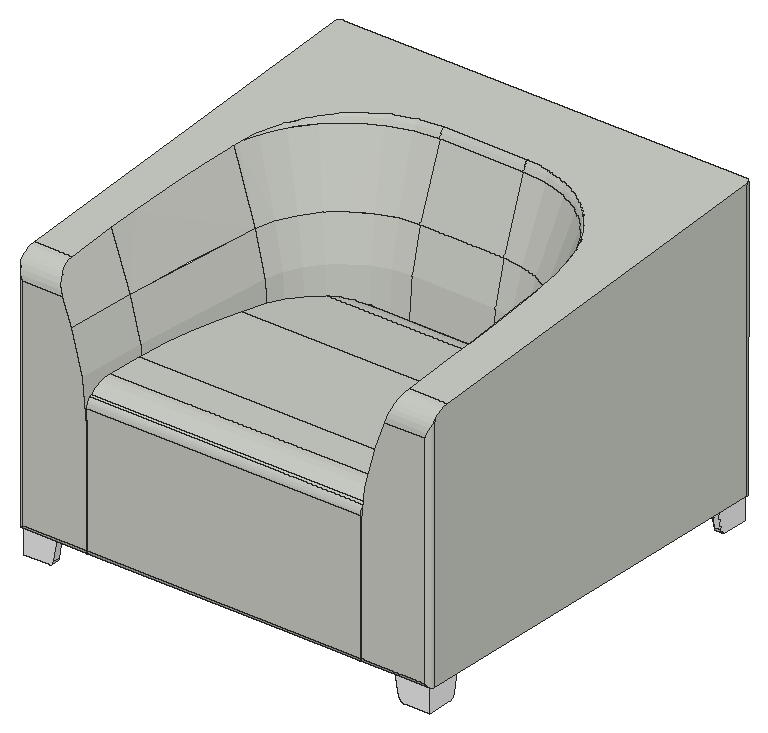
Revit family "Elan_Ellsworth_Two_LoungeChair", category Furniture, Revit 2012
Parameters
  Width = 2' - 11"  # constant formula
  URL = "http://elanbydecca.com/"
  Upholstery [instance] = Furniture - DECCA (Elan) - Ellsworth - Upholstery
  Base [instance] = Furniture - DECCA (Elan) - Ellsworth - Base
  Product URL = "http://elanbydecca.com/PDFs/TearSheet/Ellsworth%20Tear%20Sheet.pdf"
  Model = "MK TC305U"
  Manufacturer = "Decca Elan"
  Height = 2' - 10"  # constant formula
  Description = "Ellsworth Two Lounge Chair"
  Depth = 2' - 2"  # constant formula
  Assembly Description = "Furniture & Accessories"
  Assembly Code = "E2020200"
Reference planes (in)
  plane 1 "Center Front/Back": y = -0.7524
  plane 2: z = 0
  plane 3 "Center Left/Right": x = 0
  plane 4: through (-6.25338, 2.33237, 23.38953) normal (0.4297, -0.4297, 0.7941)
  plane 5 "ST": z = 28
  plane 6 "BB": z = 2.875
  plane 7: z = 0.1875
  plane 8: y = 6.21634
  plane 9: x = -17.5
  plane 10: x = 17.5
  plane 11: y = 16.2476
  plane 12: y = -17.7524
  plane 13: z = 26
Forms (in)
  Sweep 1, solid, material "Furniture - DECCA (Elan) - Ellsworth - Upholstery" <- "Upholstery"
    path origin (0, 0, 2.875) x (-1, 0, 0) y (0, -1, 0)
      loop
        line (11.64312, 18.94021) -> (11.39883, 11.94448)
        arc (11.39883, 11.94448) -> (11.06356, 5.94093) -> (10.47796, -0.04338) r 144
        arc (10.47796, -0.04338) -> (8.17515, -4.45033) -> (3.52699, -6.21634) r 7
        line (3.52699, -6.21634) -> (-3.52699, -6.21634)
        arc (-3.52699, -6.21634) -> (-8.17515, -4.45033) -> (-10.47796, -0.04338) r 7
        arc (-10.47796, -0.04338) -> (-11.06356, 5.94093) -> (-11.39883, 11.94448) r 144
        line (-11.39883, 11.94448) -> (-11.64312, 18.94021)
    profile origin (-11.52097, -15.44234, 2.875) x (-0.999391, 0.034899, 0) y (0, 0, 1)
      loop
        line (0, -0.625) -> (15.5, -0.625) -> (15.5, 24.72791) -> (5.82184, 23.78467)
        arc (5.82184, 23.78467) -> (4.27481, 23.16982) -> (3.29376, 21.82488) r 3
        line (3.29376, 21.82488) -> (1.25138, 16.21346)
        arc (1.25138, 16.21346) -> (0.31524, 12.71975) -> (0, 9.11655) r 20.75
        line (0, 9.11655) -> (0, -0.625)
  Extrusion 2, void
    sketch origin (0, 0, 2.875) x (-1, 0, 0) y (0, -1, 0)
      loop
        line (17.5, -15.7476) -> (17.5, 17.2524)
        arc (17.5, 17.2524) -> (17.35355, 17.60595) -> (17, 17.7524) r 0.5
        line (17, 17.7524) -> (-17, 17.7524)
        arc (-17, 17.7524) -> (-17.35355, 17.60595) -> (-17.5, 17.2524) r 0.5
        line (-17.5, 17.2524) -> (-17.5, -15.7476)
        arc (-17.5, -15.7476) -> (-17.35355, -16.10115) -> (-17, -16.2476) r 0.5
        line (-17, -16.2476) -> (17, -16.2476)
        arc (17, -16.2476) -> (17.35355, -16.10115) -> (17.5, -15.7476) r 0.5
      loop
        arc (16, -26.2476) -> (24.83883, -22.58644) -> (28.5, -13.7476) r 12.5
        line (28.5, -13.7476) -> (28.5, 15.2524)
        arc (28.5, 15.2524) -> (24.83883, 24.09123) -> (16, 27.7524) r 12.5
        line (16, 27.7524) -> (-16, 27.7524)
        arc (-16, 27.7524) -> (-24.83883, 24.09123) -> (-28.5, 15.2524) r 12.5
        line (-28.5, 15.2524) -> (-28.5, -13.7476)
        arc (-28.5, -13.7476) -> (-24.83883, -22.58644) -> (-16, -26.2476) r 12.5
        line (-16, -26.2476) -> (16, -26.2476)
    from -2.875 to 28.625
  Extrusion 3, solid, material "Furniture - DECCA (Elan) - Ellsworth - Upholstery" <- "Upholstery"
    sketch origin (0, 0, 0) x (0, 1, 0) y (0, 0, 1)
      loop
        line (6.21634, 2.25) -> (6.21634, 11.87049)
        arc (6.21634, 11.87049) -> (6.09516, 12.34765) -> (5.76098, 12.70916) r 1
        line (5.76098, 12.70916) -> (5.58971, 12.82039)
        arc (5.58971, 12.82039) -> (4.80884, 13.21357) -> (3.96121, 13.4277) r 4
        line (3.96121, 13.4277) -> (-2.43716, 14.316)
        arc (-2.43716, 14.316) -> (-7.37582, 14.8288) -> (-12.33808, 15) r 72
        line (-12.33808, 15) -> (-15.27824, 15)
        arc (-15.27824, 15) -> (-16.35334, 14.80074) -> (-17.28563, 14.22943) r 3
        line (-17.28563, 14.22943) -> (-17.42153, 14.10707)
        arc (-17.42153, 14.10707) -> (-17.66595, 13.77066) -> (-17.7524, 13.36393) r 1
        line (-17.7524, 13.36393) -> (-17.7524, 2.5625)
        arc (-17.7524, 2.5625) -> (-17.66087, 2.34153) -> (-17.4399, 2.25) r 0.3125
        line (-17.4399, 2.25) -> (6.21634, 2.25)
    from -13.1875 to 13.1875
  Extrusion 4, void
    sketch origin (0, 0, 2.875) x (-1, 0, 0) y (0, -1, 0)
      loop
        line (11.65402, 19.2524) -> (11.39883, 11.94448)
        arc (11.39883, 11.94448) -> (11.06356, 5.94093) -> (10.47796, -0.04338) r 144
        arc (10.47796, -0.04338) -> (8.17515, -4.45033) -> (3.52699, -6.21634) r 7
        line (3.52699, -6.21634) -> (-3.52699, -6.21634)
        arc (-3.52699, -6.21634) -> (-8.17515, -4.45033) -> (-10.47796, -0.04338) r 7
        arc (-10.47796, -0.04338) -> (-11.06356, 5.94093) -> (-11.39883, 11.94448) r 144
        line (-11.39883, 11.94448) -> (-11.65402, 19.2524) -> (-14.69253, 19.2524) -> (-14.69253, -11.2476) -> (14.80747, -11.2476) -> (14.80747, 19.2524) -> (11.65402, 19.2524)
    from -1.22026 to 15.89704
  Extrusion 5, void
    sketch origin (0, 0, 0) x (0, 1, 0) y (0, 0, 1)
      loop
        line (22.2476, 26.52493) -> (22.2476, 31) -> (-20.72095, 31) -> (-20.72095, 0) -> (-17.09615, 0) -> (-17.09615, 2.25) -> (-17.4399, 2.25)
        arc (-17.4399, 2.25) -> (-17.66087, 2.34153) -> (-17.7524, 2.5625) r 0.3125
        line (-17.7524, 2.5625) -> (-17.7524, 21.19272)
        arc (-17.7524, 21.19272) -> (-17.22695, 22.5439) -> (-15.92671, 23.18511) r 2
        line (-15.92671, 23.18511) -> (22.2476, 26.52493)
    from -19.20611 to 19.27934
Cuts and joins
  Extrusion 2, Extrusion 5 cuts Sweep 1
  Extrusion 4 cuts Extrusion 3
Dimensions and locks (in)
  plane 12 to plane 11 = 2' - 10"
  plane 9 to plane 10 = 2' - 11"
  plane 13 to level = 2' - 2"
Nested families (in)
  nested 1: "Elan_Ellsworth_One_LoungeLEG" at (-17.1875, -16.6875, 0), Base <- "Base", type "Elan_Ellsworth_One_LoungeLEG"
    with Upholstery Furniture - DECCA (Elan) - Ellsworth - Upholstery, Base Furniture - DECCA (Elan) - Ellsworth - Base
  nested 2: "Elan_Ellsworth_One_LoungeLEG" at (-17.1875, 15.1827, 0), Base <- "Base", type "Elan_Ellsworth_One_LoungeLEG"
    with Upholstery Furniture - DECCA (Elan) - Ellsworth - Upholstery, Base Furniture - DECCA (Elan) - Ellsworth - Base
  nested 3: "Elan_Ellsworth_One_LoungeLEG" at (17.1875, -16.6875, 0) x (-1, 0, 0) z (0, 0, 1), Base <- "Base", type "Elan_Ellsworth_One_LoungeLEG"
    with Upholstery Furniture - DECCA (Elan) - Ellsworth - Upholstery, Base Furniture - DECCA (Elan) - Ellsworth - Base
  nested 4: "Elan_Ellsworth_One_LoungeLEG" at (17.1875, 15.1827, 0) x (-1, 0, 0) z (0, 0, 1), Base <- "Base", type "Elan_Ellsworth_One_LoungeLEG"
    with Upholstery Furniture - DECCA (Elan) - Ellsworth - Upholstery, Base Furniture - DECCA (Elan) - Ellsworth - Base
Definition of nested family "Elan_Ellsworth_One_LoungeLEG"
  Parameters (values of type "Elan_Ellsworth_One_LoungeLEG")
    WoodBack = no
    Width = 2' - 9"  # constant formula
    URL = "http://elanbydecca.com/"
    Upholstery [instance] = Furniture - DECCA (Elan) - Ellsworth - Upholstery
    Base [instance] = Furniture - DECCA (Elan) - Ellsworth - Base
    Product URL = "http://elanbydecca.com/PDFs/elan_tearsheet-ava.pdf"
    Model = "MK TC300V"
    Manufacturer = "Decca Elan"
    Height = 2' - 4"  # constant formula
    Description = "Ellsworth One Lounge Chair"
    Depth = 2' - 6"  # constant formula
    Assembly Description = "Furniture & Accessories"
    Assembly Code = "E2020200"
    Back = Furniture - DECCA (Elan) - Ellsworth - Base
  Reference planes (in)
    plane 1 "Center Front/Back": y = -0.7524
    plane 2: z = 0
    plane 3 "Center Left/Right": x = 0
    plane 4 "L": x = -16.5
    plane 5 "R": x = 16.5
    plane 6 "F": y = -15.7524
    plane 7: y = 14.2476
    plane 8: through (-6.25338, 2.33237, 23.38953) normal (0.4297, -0.4297, 0.7941)
    plane 9 "ST": z = 28
    plane 10 "BB": z = 2.875
    plane 11: z = 0.1875
    plane 12: x = -16.1875
    plane 13: x = -13.1875
    plane 14: x = 16.1875
    plane 15: x = 13.1875
    plane 16: y = -12.7524
    plane 17: y = 11.2476
    plane 18: z = 17
    plane 19: y = 6.21634
    plane 20: z = 0.65933
    plane 21: through (0, 2.2476, 2.875) normal (0, -0.9824, 0.1869)
    plane 22: through (3, -180, 2.875) normal (0.9828, 0, -0.1848)
    plane 23: x = 2.49468
    plane 24: y = 1.73635
  Forms (in)
    Blend 1, solid, material "Furniture - DECCA (Elan) - Ellsworth - Base" <- "Base"
      base sketch origin (0, 0, 2.875) x (-1, 0, 0) y (0, -1, 0)
        loop
          line (-0.5, -2.2476) -> (0, -2.2476) -> (0, 0.7524) -> (-3, 0.7524) -> (-3, 0.26226) -> (-0.5, -2.2476)
      top sketch origin (0, 0, 2.875) x (-1, 0, 0) y (0, -1, 0)
        loop
          line (-2.49468, 0.7524) -> (-2.49468, 0.30042) -> (-0.46243, -1.73635) -> (0, -1.73635) -> (0, 0.7524) -> (-2.49468, 0.7524)
      from 0 to -2.6875
    Extrusion 2, void
      sketch origin (0, -0.00635, 0.00635) x (0, 1, 0) y (0, 0, 1)
        loop
          line (1.3225, 0.1875) -> (-0.93599, 0.1875) -> (-0.93599, 0.09766) -> (1.81071, 0.09766) -> (2.38141, 3.09766) -> (2.28996, 3.09766) -> (1.81369, 0.59406)
          arc (1.81369, 0.59406) -> (1.64131, 0.30232) -> (1.3225, 0.1875) r 0.5
      from -0.45475 to 3.24041
    Revolve 3, solid, material "Furniture - DECCA (Elan) - Ellsworth - Base" <- "Base"
      sketch origin (0.83883, 0, 0) x (0, 1, 0) y (0, 0, 1)
        loop
          line (0.67648, 0.19343) -> (0.30246, 0.19343) -> (0.30246, 0) -> (0.61213, 0)
          arc (0.61213, 0) -> (0.65763, 0.01885) -> (0.67648, 0.06435) r 0.06435
          line (0.67648, 0.06435) -> (0.67648, 0.19343)
        axis (0.30246, 0) -> (0.30246, 0.19343)
      angle from 0 to 360
    Extrusion 4, void
      sketch origin (-0.00439, -16.42176, 0.01318) x (1, 0, 0) y (0, 0, -1)
        loop
          line (-0.25, -0.1875) -> (2.07993, -0.1875)
          arc (2.07993, -0.1875) -> (2.39915, -0.30266) -> (2.57132, -0.59511) r 0.5
          line (2.57132, -0.59511) -> (3.0644, -3.2175) -> (3.0644, 0.0625) -> (-0.25, 0.0625) -> (-0.25, -0.1875)
      from 15.08155 to 18.91936
  Cuts and joins
    Extrusion 2, Extrusion 4 cuts Blend 1
  Dimensions and locks (in)
    equal spacing: plane 7, plane 1 "Center Front/Back", plane 6 "F"
    "Depth": plane 7 to plane 6 "F"
    "Height": plane 9 "ST" to level
    equal spacing: plane 4 "L", plane 3 "Center Left/Right", plane 5 "R"
    "Width": plane 4 "L" to plane 5 "R"
    locked: plane 12 to plane 4 "L" at 0.3125
    locked: plane 13 to plane 12 at 3
    locked: plane 15 to plane 14 at 3
    locked: plane 14 to plane 5 "R" at 0.3125
    locked: plane 16 to plane 6 "F" at 3
    locked: plane 7 to plane 17 at 3
    plane 18 to level = 1' - 5"
  Automatic sketch dimensions
    plane 1 "Center Front/Back" to Blend 1 sketch curve = 0' - 0"  (x2)
    Blend 1 sketch curve to plane 3 "Center Left/Right" = 0' - 0"  (x2)
    plane 3 "Center Left/Right" to Blend 1 sketch curve = 0' - 0 1/2"
    Blend 1 sketch curve to plane 23 = 0' - 0.50532"
    Blend 1 sketch curve to Blend 1 sketch curve = 0' - 0"  (x2)
    Blend 1 sketch curve to plane 1 "Center Front/Back" = 0' - 0.49014"
    plane 24 to Blend 1 sketch curve = 0' - 0.51125"
    Blend 1 sketch curve to plane 23 = 0' - 0"
    Blend 1 sketch curve to plane 24 = 0' - 0"
    plane 3 "Center Left/Right" to Blend 1 sketch curve = 0' - 0.46243"
    Blend 1 sketch curve to Blend 1 sketch curve = 0' - 0.45198"
    plane 11 to Extrusion 2 sketch curve = 0' - 0.00635"
    plane 1 "Center Front/Back" to Extrusion 2 sketch curve = 0' - 0.18994"
    Extrusion 2 sketch curve to plane 24 = 0' - 0.4202"
    plane 24 to Extrusion 2 sketch curve = 0' - 0.06802"
    plane 20 to Extrusion 2 sketch curve = 0' - 0.05893"
    plane 24 to Extrusion 2 sketch curve = 0' - 0.07099"
    plane 10 "BB" to Extrusion 2 sketch curve = 0' - 0.229"
    plane 24 to Extrusion 2 sketch curve = 0' - 0.54726"
    Extrusion 2 sketch curve to Extrusion 2 sketch curve = 0' - 0.09145"
    Extrusion 2 sketch curve to plane 11 = 0' - 0.0835"
    Revolve 3 sketch curve to level = 0' - 0"
    plane 11 to Revolve 3 sketch curve = 0' - 0.00593"
    plane 11 to Revolve 3 sketch curve = 0' - 0.14484"
    Revolve 3 sketch curve to plane 1 "Center Front/Back" = 0' - 1.05486"
    Revolve 3 sketch curve to Revolve 3 sketch curve = 0' - 0"
    Revolve 3 sketch curve to Revolve 3 sketch curve = 0' - 0.30967"
    Revolve 3 sketch curve to Revolve 3 sketch curve = 0' - 0.06435"
    Revolve 3 sketch curve to Revolve 3 sketch curve = 0' - 0.0701"
    Extrusion 4 sketch curve to plane 11 = 0' - 0.01318"
    plane 22 to Extrusion 4 sketch curve = 0' - 0.00675"  (x2)
    plane 3 "Center Left/Right" to Extrusion 4 sketch curve = 0' - 0.25439"
    Extrusion 4 sketch curve to plane 23 = 0' - 0.41914"
    plane 23 to Extrusion 4 sketch curve = 0' - 0.07225"
    Extrusion 4 sketch curve to plane 10 "BB" = 0' - 0.35569"
    level to Extrusion 4 sketch curve = 0' - 0.04932"
